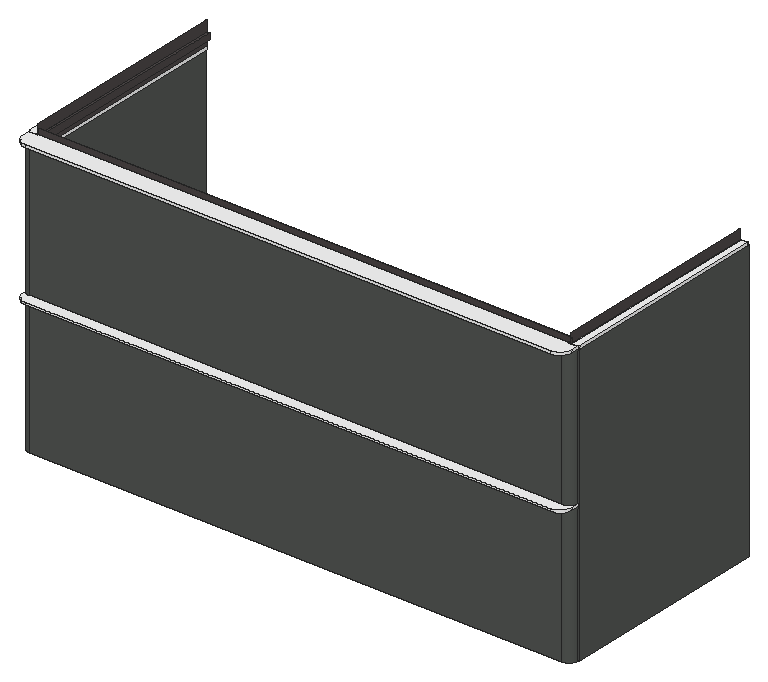
Revit family "vanity unit with 2 drawers", category Furniture, Revit 2019
Family settings
  OmniClass Number = 23.21.19.15.33.13
  Work Plane-Based = No
  Always vertical = Yes
  Cut with Voids When Loaded = No
  Shared = Yes
  Room Calculation Point = No
Parameters (values of type "Vanity unit 1180_475 with 2 drawers for washbasin-54036700-Diamond Matt Grey-MATT_WHITE-400")
  etim7_EC011381 = "EC011381"
  WEIGHT = "45.5"
  Vanity unit 980_475 with 2 drawers for washbasin-54034700-Dark Walnut-MATT_WHITE-400_RX0RY0RZ0TX0TY0TZ0_V = no
  Vanity unit 980_475 with 2 drawers for washbasin-54034700-Dark Walnut-MATT_WHITE-200_RX0RY0RZ0TX0TY0TZ0_V = no
  Vanity unit 980_475 with 2 drawers for washbasin-54034670-Dark Walnut-MATT_BLACK-400_RX0RY0RZ0TX0TY0TZ0_V = no
  Vanity unit 980_475 with 2 drawers for washbasin-54034670-Dark Walnut-MATT_BLACK-200_RX0RY0RZ0TX0TY0TZ0_V = no
  Vanity unit 980_475 with 2 drawers for washbasin-54034000-Dark Walnut-CHROME-400_RX0RY0RZ0TX0TY0TZ0_V = no
  Vanity unit 980_475 with 2 drawers for washbasin-54034000-Dark Walnut-CHROME-200_RX0RY0RZ0TX0TY0TZ0_V = no
  Vanity unit 980_475 with 2 drawers for washbasin-54033700-Natural Oak-MATT_WHITE-400_RX0RY0RZ0TX0TY0TZ0_V = no
  Vanity unit 980_475 with 2 drawers for washbasin-54033700-Natural Oak-MATT_WHITE-200_RX0RY0RZ0TX0TY0TZ0_V = no
  Vanity unit 980_475 with 2 drawers for washbasin-54033670-Natural Oak-MATT_BLACK-400_RX0RY0RZ0TX0TY0TZ0_V = no
  Vanity unit 980_475 with 2 drawers for washbasin-54033670-Natural Oak-MATT_BLACK-200_RX0RY0RZ0TX0TY0TZ0_V = no
  Vanity unit 980_475 with 2 drawers for washbasin-54033000-Natural Oak-CHROME-400_RX0RY0RZ0TX0TY0TZ0_V = no
  Vanity unit 980_475 with 2 drawers for washbasin-54033000-Natural Oak-CHROME-200_RX0RY0RZ0TX0TY0TZ0_V = no
  Vanity unit 980_475 with 2 drawers for washbasin-54032700-Diamond Matt Grey-MATT_WHITE-400_RX0RY0RZ0TX0TY0TZ0_V = no
  Vanity unit 980_475 with 2 drawers for washbasin-54032700-Diamond Matt Grey-MATT_WHITE-200_RX0RY0RZ0TX0TY0TZ0_V = no
  Vanity unit 980_475 with 2 drawers for washbasin-54032670-Diamond Matt Grey-MATT_BLACK-400_RX0RY0RZ0TX0TY0TZ0_V = no
  Vanity unit 980_475 with 2 drawers for washbasin-54032670-Diamond Matt Grey-MATT_BLACK-200_RX0RY0RZ0TX0TY0TZ0_V = no
  Vanity unit 980_475 with 2 drawers for washbasin-54032000-Diamond Matt Grey-CHROME-400_RX0RY0RZ0TX0TY0TZ0_V = no
  Vanity unit 980_475 with 2 drawers for washbasin-54032000-Diamond Matt Grey-CHROME-200_RX0RY0RZ0TX0TY0TZ0_V = no
  Vanity unit 980_475 with 2 drawers for washbasin-54031700-High Gloss White-MATT_WHITE-400_RX0RY0RZ0TX0TY0TZ0_V = no
  Vanity unit 980_475 with 2 drawers for washbasin-54031700-High Gloss White-MATT_WHITE-200_RX0RY0RZ0TX0TY0TZ0_V = no
  Vanity unit 980_475 with 2 drawers for washbasin-54031670-High Gloss White-MATT_BLACK-400_RX0RY0RZ0TX0TY0TZ0_V = no
  Vanity unit 980_475 with 2 drawers for washbasin-54031670-High Gloss White-MATT_BLACK-200_RX0RY0RZ0TX0TY0TZ0_V = no
  Vanity unit 980_475 with 2 drawers for washbasin-54031000-High Gloss White-CHROME-400_RX0RY0RZ0TX0TY0TZ0_V = no
  Vanity unit 980_475 with 2 drawers for washbasin-54031000-High Gloss White-CHROME-200_RX0RY0RZ0TX0TY0TZ0_V = no
  Vanity unit 780_475 with 2 drawers for washbasin-54030700-Dark Walnut-MATT_WHITE-400_RX0RY0RZ0TX0TY0TZ0_V = no
  Vanity unit 780_475 with 2 drawers for washbasin-54030700-Dark Walnut-MATT_WHITE-200_RX0RY0RZ0TX0TY0TZ0_V = no
  Vanity unit 780_475 with 2 drawers for washbasin-54030670-Dark Walnut-MATT_BLACK-400_RX0RY0RZ0TX0TY0TZ0_V = no
  Vanity unit 780_475 with 2 drawers for washbasin-54030670-Dark Walnut-MATT_BLACK-200_RX0RY0RZ0TX0TY0TZ0_V = no
  Vanity unit 780_475 with 2 drawers for washbasin-54030000-Dark Walnut-CHROME-400_RX0RY0RZ0TX0TY0TZ0_V = no
  Vanity unit 780_475 with 2 drawers for washbasin-54030000-Dark Walnut-CHROME-200_RX0RY0RZ0TX0TY0TZ0_V = no
  Vanity unit 780_475 with 2 drawers for washbasin-54029700-Natural Oak-MATT_WHITE-400_RX0RY0RZ0TX0TY0TZ0_V = no
  Vanity unit 780_475 with 2 drawers for washbasin-54029700-Natural Oak-MATT_WHITE-200_RX0RY0RZ0TX0TY0TZ0_V = no
  Vanity unit 780_475 with 2 drawers for washbasin-54029670-Natural Oak-MATT_BLACK-400_RX0RY0RZ0TX0TY0TZ0_V = no
  Vanity unit 780_475 with 2 drawers for washbasin-54029670-Natural Oak-MATT_BLACK-200_RX0RY0RZ0TX0TY0TZ0_V = no
  Vanity unit 780_475 with 2 drawers for washbasin-54029000-Natural Oak-CHROME-400_RX0RY0RZ0TX0TY0TZ0_V = no
  Vanity unit 780_475 with 2 drawers for washbasin-54029000-Natural Oak-CHROME-200_RX0RY0RZ0TX0TY0TZ0_V = no
  Vanity unit 780_475 with 2 drawers for washbasin-54028700-Diamond Matt Grey-MATT_WHITE-400_RX0RY0RZ0TX0TY0TZ0_V = no
  Vanity unit 780_475 with 2 drawers for washbasin-54028700-Diamond Matt Grey-MATT_WHITE-200_RX0RY0RZ0TX0TY0TZ0_V = no
  Vanity unit 780_475 with 2 drawers for washbasin-54028670-Diamond Matt Grey-MATT_BLACK-400_RX0RY0RZ0TX0TY0TZ0_V = no
  Vanity unit 780_475 with 2 drawers for washbasin-54028670-Diamond Matt Grey-MATT_BLACK-200_RX0RY0RZ0TX0TY0TZ0_V = no
  Vanity unit 780_475 with 2 drawers for washbasin-54028000-Diamond Matt Grey-CHROME-400_RX0RY0RZ0TX0TY0TZ0_V = no
  Vanity unit 780_475 with 2 drawers for washbasin-54028000-Diamond Matt Grey-CHROME-200_RX0RY0RZ0TX0TY0TZ0_V = no
  Vanity unit 780_475 with 2 drawers for washbasin-54027700-High Gloss White-MATT_WHITE-400_RX0RY0RZ0TX0TY0TZ0_V = no
  Vanity unit 780_475 with 2 drawers for washbasin-54027700-High Gloss White-MATT_WHITE-200_RX0RY0RZ0TX0TY0TZ0_V = no
  Vanity unit 780_475 with 2 drawers for washbasin-54027670-High Gloss White-MATT_BLACK-400_RX0RY0RZ0TX0TY0TZ0_V = no
  Vanity unit 780_475 with 2 drawers for washbasin-54027670-High Gloss White-MATT_BLACK-200_RX0RY0RZ0TX0TY0TZ0_V = no
  Vanity unit 780_475 with 2 drawers for washbasin-54027000-High Gloss White-CHROME-400_RX0RY0RZ0TX0TY0TZ0_V = no
  Vanity unit 780_475 with 2 drawers for washbasin-54027000-High Gloss White-CHROME-200_RX0RY0RZ0TX0TY0TZ0_V = no
  Vanity unit 580_475 with 2 drawers for washbasin-54026700-Dark Walnut-MATT_WHITE-400_RX0RY0RZ0TX0TY0TZ0_V = no
  Vanity unit 580_475 with 2 drawers for washbasin-54026700-Dark Walnut-MATT_WHITE-200_RX0RY0RZ0TX0TY0TZ0_V = no
  Vanity unit 580_475 with 2 drawers for washbasin-54026670-Dark Walnut-MATT_BLACK-400_RX0RY0RZ0TX0TY0TZ0_V = no
  Vanity unit 580_475 with 2 drawers for washbasin-54026670-Dark Walnut-MATT_BLACK-200_RX0RY0RZ0TX0TY0TZ0_V = no
  Vanity unit 580_475 with 2 drawers for washbasin-54026000-Dark Walnut-CHROME-400_RX0RY0RZ0TX0TY0TZ0_V = no
  Vanity unit 580_475 with 2 drawers for washbasin-54026000-Dark Walnut-CHROME-200_RX0RY0RZ0TX0TY0TZ0_V = no
  Vanity unit 580_475 with 2 drawers for washbasin-54025700-Natural Oak-MATT_WHITE-400_RX0RY0RZ0TX0TY0TZ0_V = no
  Vanity unit 580_475 with 2 drawers for washbasin-54025700-Natural Oak-MATT_WHITE-200_RX0RY0RZ0TX0TY0TZ0_V = no
  Vanity unit 580_475 with 2 drawers for washbasin-54025670-Natural Oak-MATT_BLACK-400_RX0RY0RZ0TX0TY0TZ0_V = no
  Vanity unit 580_475 with 2 drawers for washbasin-54025670-Natural Oak-MATT_BLACK-200_RX0RY0RZ0TX0TY0TZ0_V = no
  Vanity unit 580_475 with 2 drawers for washbasin-54025000-Natural Oak-CHROME-400_RX0RY0RZ0TX0TY0TZ0_V = no
  Vanity unit 580_475 with 2 drawers for washbasin-54025000-Natural Oak-CHROME-200_RX0RY0RZ0TX0TY0TZ0_V = no
  Vanity unit 580_475 with 2 drawers for washbasin-54024700-Diamond Matt Grey-MATT_WHITE-400_RX0RY0RZ0TX0TY0TZ0_V = no
  Vanity unit 580_475 with 2 drawers for washbasin-54024700-Diamond Matt Grey-MATT_WHITE-200_RX0RY0RZ0TX0TY0TZ0_V = no
  Vanity unit 580_475 with 2 drawers for washbasin-54024670-Diamond Matt Grey-MATT_BLACK-400_RX0RY0RZ0TX0TY0TZ0_V = no
  Vanity unit 580_475 with 2 drawers for washbasin-54024670-Diamond Matt Grey-MATT_BLACK-200_RX0RY0RZ0TX0TY0TZ0_V = no
  Vanity unit 580_475 with 2 drawers for washbasin-54024000-Diamond Matt Grey-CHROME-400_RX0RY0RZ0TX0TY0TZ0_V = no
  Vanity unit 580_475 with 2 drawers for washbasin-54024000-Diamond Matt Grey-CHROME-200_RX0RY0RZ0TX0TY0TZ0_V = no
  Vanity unit 580_475 with 2 drawers for washbasin-54023700-High Gloss White-MATT_WHITE-400_RX0RY0RZ0TX0TY0TZ0_V = no
  Vanity unit 580_475 with 2 drawers for washbasin-54023700-High Gloss White-MATT_WHITE-200_RX0RY0RZ0TX0TY0TZ0_V = no
  Vanity unit 580_475 with 2 drawers for washbasin-54023670-High Gloss White-MATT_BLACK-400_RX0RY0RZ0TX0TY0TZ0_V = no
  Vanity unit 580_475 with 2 drawers for washbasin-54023670-High Gloss White-MATT_BLACK-200_RX0RY0RZ0TX0TY0TZ0_V = no
  Vanity unit 580_475 with 2 drawers for washbasin-54023000-High Gloss White-CHROME-400_RX0RY0RZ0TX0TY0TZ0_V = no
  Vanity unit 580_475 with 2 drawers for washbasin-54023000-High Gloss White-CHROME-200_RX0RY0RZ0TX0TY0TZ0_V = no
  Vanity unit 480_475 with 2 drawers for handrinse basin-54022700-Dark Walnut-MATT_WHITE-400_RX0RY0RZ0TX0TY0TZ0_V = no
  Vanity unit 480_475 with 2 drawers for handrinse basin-54022700-Dark Walnut-MATT_WHITE-200_RX0RY0RZ0TX0TY0TZ0_V = no
  Vanity unit 480_475 with 2 drawers for handrinse basin-54022670-Dark Walnut-MATT_BLACK-400_RX0RY0RZ0TX0TY0TZ0_V = no
  Vanity unit 480_475 with 2 drawers for handrinse basin-54022670-Dark Walnut-MATT_BLACK-200_RX0RY0RZ0TX0TY0TZ0_V = no
  Vanity unit 480_475 with 2 drawers for handrinse basin-54022000-Dark Walnut-CHROME-400_RX0RY0RZ0TX0TY0TZ0_V = no
  Vanity unit 480_475 with 2 drawers for handrinse basin-54022000-Dark Walnut-CHROME-200_RX0RY0RZ0TX0TY0TZ0_V = no
  Vanity unit 480_475 with 2 drawers for handrinse basin-54021700-Natural Oak-MATT_WHITE-400_RX0RY0RZ0TX0TY0TZ0_V = no
  Vanity unit 480_475 with 2 drawers for handrinse basin-54021700-Natural Oak-MATT_WHITE-200_RX0RY0RZ0TX0TY0TZ0_V = no
  Vanity unit 480_475 with 2 drawers for handrinse basin-54021670-Natural Oak-MATT_BLACK-400_RX0RY0RZ0TX0TY0TZ0_V = no
  Vanity unit 480_475 with 2 drawers for handrinse basin-54021670-Natural Oak-MATT_BLACK-200_RX0RY0RZ0TX0TY0TZ0_V = no
  Vanity unit 480_475 with 2 drawers for handrinse basin-54021000-Natural Oak-CHROME-400_RX0RY0RZ0TX0TY0TZ0_V = no
  Vanity unit 480_475 with 2 drawers for handrinse basin-54021000-Natural Oak-CHROME-200_RX0RY0RZ0TX0TY0TZ0_V = no
  Vanity unit 480_475 with 2 drawers for handrinse basin-54020700-Diamond Matt Grey-MATT_WHITE-400_RX0RY0RZ0TX0TY0TZ0_V = no
  Vanity unit 480_475 with 2 drawers for handrinse basin-54020700-Diamond Matt Grey-MATT_WHITE-200_RX0RY0RZ0TX0TY0TZ0_V = no
  Vanity unit 480_475 with 2 drawers for handrinse basin-54020670-Diamond Matt Grey-MATT_BLACK-400_RX0RY0RZ0TX0TY0TZ0_V = no
  Vanity unit 480_475 with 2 drawers for handrinse basin-54020670-Diamond Matt Grey-MATT_BLACK-200_RX0RY0RZ0TX0TY0TZ0_V = no
  Vanity unit 480_475 with 2 drawers for handrinse basin-54020000-Diamond Matt Grey-CHROME-400_RX0RY0RZ0TX0TY0TZ0_V = no
  Vanity unit 480_475 with 2 drawers for handrinse basin-54020000-Diamond Matt Grey-CHROME-200_RX0RY0RZ0TX0TY0TZ0_V = no
  Vanity unit 480_475 with 2 drawers for handrinse basin-54019700-High Gloss White-MATT_WHITE-400_RX0RY0RZ0TX0TY0TZ0_V = no
  Vanity unit 480_475 with 2 drawers for handrinse basin-54019700-High Gloss White-MATT_WHITE-200_RX0RY0RZ0TX0TY0TZ0_V = no
  Vanity unit 480_475 with 2 drawers for handrinse basin-54019670-High Gloss White-MATT_BLACK-400_RX0RY0RZ0TX0TY0TZ0_V = no
  Vanity unit 480_475 with 2 drawers for handrinse basin-54019670-High Gloss White-MATT_BLACK-200_RX0RY0RZ0TX0TY0TZ0_V = no
  Vanity unit 480_475 with 2 drawers for handrinse basin-54019000-High Gloss White-CHROME-400_RX0RY0RZ0TX0TY0TZ0_V = no
  Vanity unit 480_475 with 2 drawers for handrinse basin-54019000-High Gloss White-CHROME-200_RX0RY0RZ0TX0TY0TZ0_V = no
  Vanity unit 1180_475 with 2 drawers for washbasin-54038700-Dark Walnut-MATT_WHITE-400_RX0RY0RZ0TX0TY0TZ0_V = no
  Vanity unit 1180_475 with 2 drawers for washbasin-54038700-Dark Walnut-MATT_WHITE-200_RX0RY0RZ0TX0TY0TZ0_V = no
  Vanity unit 1180_475 with 2 drawers for washbasin-54038670-Dark Walnut-MATT_BLACK-400_RX0RY0RZ0TX0TY0TZ0_V = no
  Vanity unit 1180_475 with 2 drawers for washbasin-54038670-Dark Walnut-MATT_BLACK-200_RX0RY0RZ0TX0TY0TZ0_V = no
  Vanity unit 1180_475 with 2 drawers for washbasin-54038000-Dark Walnut-CHROME-400_RX0RY0RZ0TX0TY0TZ0_V = no
  Vanity unit 1180_475 with 2 drawers for washbasin-54038000-Dark Walnut-CHROME-200_RX0RY0RZ0TX0TY0TZ0_V = no
  Vanity unit 1180_475 with 2 drawers for washbasin-54037700-Natural Oak-MATT_WHITE-400_RX0RY0RZ0TX0TY0TZ0_V = no
  Vanity unit 1180_475 with 2 drawers for washbasin-54037700-Natural Oak-MATT_WHITE-200_RX0RY0RZ0TX0TY0TZ0_V = no
  Vanity unit 1180_475 with 2 drawers for washbasin-54037670-Natural Oak-MATT_BLACK-400_RX0RY0RZ0TX0TY0TZ0_V = no
  Vanity unit 1180_475 with 2 drawers for washbasin-54037670-Natural Oak-MATT_BLACK-200_RX0RY0RZ0TX0TY0TZ0_V = no
  Vanity unit 1180_475 with 2 drawers for washbasin-54037000-Natural Oak-CHROME-400_RX0RY0RZ0TX0TY0TZ0_V = no
  Vanity unit 1180_475 with 2 drawers for washbasin-54037000-Natural Oak-CHROME-200_RX0RY0RZ0TX0TY0TZ0_V = no
  Vanity unit 1180_475 with 2 drawers for washbasin-54036700-Diamond Matt Grey-MATT_WHITE-400_RX0RY0RZ0TX0TY0TZ0_V = yes
  Vanity unit 1180_475 with 2 drawers for washbasin-54036700-Diamond Matt Grey-MATT_WHITE-200_RX0RY0RZ0TX0TY0TZ0_V = no
  Vanity unit 1180_475 with 2 drawers for washbasin-54036670-Diamond Matt Grey-MATT_BLACK-400_RX0RY0RZ0TX0TY0TZ0_V = no
  Vanity unit 1180_475 with 2 drawers for washbasin-54036670-Diamond Matt Grey-MATT_BLACK-200_RX0RY0RZ0TX0TY0TZ0_V = no
  Vanity unit 1180_475 with 2 drawers for washbasin-54036000-Diamond Matt Grey-CHROME-400_RX0RY0RZ0TX0TY0TZ0_V = no
  Vanity unit 1180_475 with 2 drawers for washbasin-54036000-Diamond Matt Grey-CHROME-200_RX0RY0RZ0TX0TY0TZ0_V = no
  Vanity unit 1180_475 with 2 drawers for washbasin-54035700-High Gloss White-MATT_WHITE-400_RX0RY0RZ0TX0TY0TZ0_V = no
  Vanity unit 1180_475 with 2 drawers for washbasin-54035700-High Gloss White-MATT_WHITE-200_RX0RY0RZ0TX0TY0TZ0_V = no
  Vanity unit 1180_475 with 2 drawers for washbasin-54035670-High Gloss White-MATT_BLACK-400_RX0RY0RZ0TX0TY0TZ0_V = no
  Vanity unit 1180_475 with 2 drawers for washbasin-54035670-High Gloss White-MATT_BLACK-200_RX0RY0RZ0TX0TY0TZ0_V = no
  Vanity unit 1180_475 with 2 drawers for washbasin-54035000-High Gloss White-CHROME-400_RX0RY0RZ0TX0TY0TZ0_V = no
  Vanity unit 1180_475 with 2 drawers for washbasin-54035000-High Gloss White-CHROME-200_RX0RY0RZ0TX0TY0TZ0_V = no
  UNSPSC = "56 | Furniture and Furnishings"
  UNIFORMATII = "E2010 | Fixed Furnishings"
  UNICLASS_2015_CODE = "40_30_78_05"
  UNICLASS2015 = "Pr_40_30_78_05 | Bathroom furniture"
  SURFACE = "MATT_WHITE"
  REGIONSET = "Worldwide"
  PRODUCTURL = "https://pro.hansgrohe.com/articledetail--54036000"
  PRODUCTGROUP = "vanity unit"
  PRODUCTFAMILY = "Xelu Q"
  PERMALINK = "54036XXX"
  OMNICLASS = "23-21 19 15 33 13 | Residential Bathroom Specialty Casework"
  OBJECTTYPE = "Object (single object)"
  OBERFLAECHE = "Diamond Matt Grey"
  NN = "Vanity Unit with 2 Drawers"
  NBSYN = "$BASENUMBER.-$ARTNR.-$OBERFLAECHE.-$SURFACE.-$LODLEVEL."
  NB = "Vanity unit 1180/475 with 2 drawers for washbasin-54036700-Diamond Matt Grey-MATT_WHITE-400"
  NAME = "Xelu Q Vanity unit Diamond Matt Grey 1180/475 with 2 drawers for washbasin"
  Model = "Vanity unit 1180/475 with 2 drawers for washbasin-54036700-Diamond Matt Grey-MATT_WHITE-400"
  Manufacturer = "Hansgrohe"
  MIdent = "{$CADENAS_DATA/23d-libs/hansgrohe/xelu_furniture/vanity_unit_2_drawers_basin/vanity_unit_with_2_drawers_for_basin.prj},351 {VTYP=3D},{NB=Vanity unit 1180/475 with 2 drawers for washbasin-54036700-Diamond Matt Grey-MATT_WHITE-400},{LINA=Vanity unit 1180/475 with 2 drawers for washbasin-54036700-Diamond Matt Grey-MATT_WHITE-400},{NN=Vanity Unit with 2 Drawers},{DATE=10.03.2023 08:13:12},{GEOMDATE=08.03.2023 13:51:26},{VERSION=},{LINEID=530},{WBVAR=LODLEVEL},{WBNUMERIC=}  {NB=Vanity unit 1180/475 with 2 drawers for washbasin-54036700-Diamond Matt Grey-MATT_WHITE-400},{LINA=Vanity unit 1180/475 with 2 drawers for washbasin-54036700-Diamond Matt Grey-MATT_WHITE-400},{KT=DUMMY},{IDNR=53},{ARTNR=54036700},{BASENUMBER=Vanity unit 1180/475 with 2 drawers for washbasin},{MODEL=54036XXX},{OBERFLAECHE=Diamond Matt Grey},{SURFACE=MATT_WHITE},{L=1180},{LODLEVEL=400},{LODLEVELX='400','400','200','200'},{NAME=Xelu Q Vanity unit Diamond Matt Grey 1180/475 with 2 drawers for washbasin},{PERMALINK=54036XXX},{OBJECTTYPE=Object (single object)},{BIMOBJECT=Sanitary: Compound units},{PRODUCTFAMILY=Xelu Q},{PRODUCTGROUP=vanity unit},{WEIGHT=45.5},{DESCRIPTION=Xelu Q Vanity unit Diamond Matt Grey 1180/475 with 2 drawers for washbasin},{SPECIFICATION=},{PRODUCTURL=https://pro.hansgrohe.com/articledetail--54036000},{GTINCODE=4059625455777},{TENDERURL=},{IFC=Furnishing element},{ETIM=EC011381 | Bathroom furniture set},{UNICLASS2015=Pr_40_30_78_05 | Bathroom furniture},{OMNICLASS=23-21 19 15 33 13 | Residential Bathroom Specialty Casework},{MASTERFORMAT=12 35 30.23 | Bathroom Casework},{UNSPSC=56 | Furniture and Furnishings},{UNIFORMATII=E2010 | Fixed Furnishings},{REGIONSET=Worldwide},{DESIGN=Germany},{MANUFACTURER=Germany}"
  MASTERFORMAT = "12 35 30.23 | Bathroom Casework"
  LODLEVEL = "400"
  LINA = "Vanity unit 1180/475 with 2 drawers for washbasin-54036700-Diamond Matt Grey-MATT_WHITE-400"
  L = 1180
  IFC = "Furnishing element"
  GTINCODE = "4059625455777"
  ETIM = "EC011381 | Bathroom furniture set"
  DESIGN = "Germany"
  CATALOG = "Hansgrohe"
  BIMOBJECT = "Sanitary: Compound units"
  BASENUMBER = "Vanity unit 1180/475 with 2 drawers for washbasin"
  ARTNR = "54036700"
Reference planes
  plane 1 "Center (Front/Back)": y = 0
  plane 2: z = 0
  plane 3 "Center (Left/Right)": x = 0
Dimensions and locks
  aligned and locked: level to plane 2
Nested families
  nested 1: "vanity unit 1180_475 with 2 drawers for washbasin-54035000-high gloss white-chrome-200_content" at (0, 0, 0), visible <- "Vanity unit 1180_475 with 2 drawers for washbasin-54035000-High Gloss White-CHROME-200_RX0RY0RZ0TX0TY0TZ0_V", ContentVisible <- "Vanity unit 1180_475 with 2 drawers for washbasin-54035000-High Gloss White-CHROME-200_RX0RY0RZ0TX0TY0TZ0_V", type ""
    with ContentVisible no
  nested 2: "vanity unit 1180_475 with 2 drawers for washbasin-54035000-high gloss white-chrome-400_content" at (0, 0, 0), visible <- "Vanity unit 1180_475 with 2 drawers for washbasin-54035000-High Gloss White-CHROME-400_RX0RY0RZ0TX0TY0TZ0_V", ContentVisible <- "Vanity unit 1180_475 with 2 drawers for washbasin-54035000-High Gloss White-CHROME-400_RX0RY0RZ0TX0TY0TZ0_V", type ""
    with ContentVisible no
  nested 3: "vanity unit 1180_475 with 2 drawers for washbasin-54035670-high gloss white-matt_black-200_content" at (0, 0, 0), visible <- "Vanity unit 1180_475 with 2 drawers for washbasin-54035670-High Gloss White-MATT_BLACK-200_RX0RY0RZ0TX0TY0TZ0_V", ContentVisible <- "Vanity unit 1180_475 with 2 drawers for washbasin-54035670-High Gloss White-MATT_BLACK-200_RX0RY0RZ0TX0TY0TZ0_V", type ""
    with ContentVisible no
  nested 4: "vanity unit 1180_475 with 2 drawers for washbasin-54035670-high gloss white-matt_black-400_content" at (0, 0, 0), visible <- "Vanity unit 1180_475 with 2 drawers for washbasin-54035670-High Gloss White-MATT_BLACK-400_RX0RY0RZ0TX0TY0TZ0_V", ContentVisible <- "Vanity unit 1180_475 with 2 drawers for washbasin-54035670-High Gloss White-MATT_BLACK-400_RX0RY0RZ0TX0TY0TZ0_V", type ""
    with ContentVisible no
  nested 5: "vanity unit 1180_475 with 2 drawers for washbasin-54035700-high gloss white-matt_white-200_content" at (0, 0, 0), visible <- "Vanity unit 1180_475 with 2 drawers for washbasin-54035700-High Gloss White-MATT_WHITE-200_RX0RY0RZ0TX0TY0TZ0_V", ContentVisible <- "Vanity unit 1180_475 with 2 drawers for washbasin-54035700-High Gloss White-MATT_WHITE-200_RX0RY0RZ0TX0TY0TZ0_V", type ""
    with ContentVisible no
  nested 6: "vanity unit 1180_475 with 2 drawers for washbasin-54035700-high gloss white-matt_white-400_content" at (0, 0, 0), visible <- "Vanity unit 1180_475 with 2 drawers for washbasin-54035700-High Gloss White-MATT_WHITE-400_RX0RY0RZ0TX0TY0TZ0_V", ContentVisible <- "Vanity unit 1180_475 with 2 drawers for washbasin-54035700-High Gloss White-MATT_WHITE-400_RX0RY0RZ0TX0TY0TZ0_V", type ""
    with ContentVisible no
  nested 7: "vanity unit 1180_475 with 2 drawers for washbasin-54036000-diamond matt grey-chrome-200_content" at (0, 0, 0), visible <- "Vanity unit 1180_475 with 2 drawers for washbasin-54036000-Diamond Matt Grey-CHROME-200_RX0RY0RZ0TX0TY0TZ0_V", ContentVisible <- "Vanity unit 1180_475 with 2 drawers for washbasin-54036000-Diamond Matt Grey-CHROME-200_RX0RY0RZ0TX0TY0TZ0_V", type ""
    with ContentVisible no
  nested 8: "vanity unit 1180_475 with 2 drawers for washbasin-54036000-diamond matt grey-chrome-400_content" at (0, 0, 0), visible <- "Vanity unit 1180_475 with 2 drawers for washbasin-54036000-Diamond Matt Grey-CHROME-400_RX0RY0RZ0TX0TY0TZ0_V", ContentVisible <- "Vanity unit 1180_475 with 2 drawers for washbasin-54036000-Diamond Matt Grey-CHROME-400_RX0RY0RZ0TX0TY0TZ0_V", type ""
    with ContentVisible no
  nested 9: "vanity unit 1180_475 with 2 drawers for washbasin-54036670-diamond matt grey-matt_black-200_content" at (0, 0, 0), visible <- "Vanity unit 1180_475 with 2 drawers for washbasin-54036670-Diamond Matt Grey-MATT_BLACK-200_RX0RY0RZ0TX0TY0TZ0_V", ContentVisible <- "Vanity unit 1180_475 with 2 drawers for washbasin-54036670-Diamond Matt Grey-MATT_BLACK-200_RX0RY0RZ0TX0TY0TZ0_V", type ""
    with ContentVisible no
  nested 10: "vanity unit 1180_475 with 2 drawers for washbasin-54036670-diamond matt grey-matt_black-400_content" at (0, 0, 0), visible <- "Vanity unit 1180_475 with 2 drawers for washbasin-54036670-Diamond Matt Grey-MATT_BLACK-400_RX0RY0RZ0TX0TY0TZ0_V", ContentVisible <- "Vanity unit 1180_475 with 2 drawers for washbasin-54036670-Diamond Matt Grey-MATT_BLACK-400_RX0RY0RZ0TX0TY0TZ0_V", type ""
    with ContentVisible no
  nested 11: "vanity unit 1180_475 with 2 drawers for washbasin-54036700-diamond matt grey-matt_white-200_content" at (0, 0, 0), visible <- "Vanity unit 1180_475 with 2 drawers for washbasin-54036700-Diamond Matt Grey-MATT_WHITE-200_RX0RY0RZ0TX0TY0TZ0_V", ContentVisible <- "Vanity unit 1180_475 with 2 drawers for washbasin-54036700-Diamond Matt Grey-MATT_WHITE-200_RX0RY0RZ0TX0TY0TZ0_V", type ""
    with ContentVisible no
  nested 12: "vanity unit 1180_475 with 2 drawers for washbasin-54036700-diamond matt grey-matt_white-400_content" at (0, 0, 0), visible <- "Vanity unit 1180_475 with 2 drawers for washbasin-54036700-Diamond Matt Grey-MATT_WHITE-400_RX0RY0RZ0TX0TY0TZ0_V", ContentVisible <- "Vanity unit 1180_475 with 2 drawers for washbasin-54036700-Diamond Matt Grey-MATT_WHITE-400_RX0RY0RZ0TX0TY0TZ0_V", type "Vanity unit 1180_475 with 2 drawers for washbasin-54036700-Diamond Matt Grey-MATT_WHITE-400_Content"
    with ContentVisible yes
  nested 13: "vanity unit 1180_475 with 2 drawers for washbasin-54037000-natural oak-chrome-200_content" at (0, 0, 0), visible <- "Vanity unit 1180_475 with 2 drawers for washbasin-54037000-Natural Oak-CHROME-200_RX0RY0RZ0TX0TY0TZ0_V", ContentVisible <- "Vanity unit 1180_475 with 2 drawers for washbasin-54037000-Natural Oak-CHROME-200_RX0RY0RZ0TX0TY0TZ0_V", type ""
    with ContentVisible no
  nested 14: "vanity unit 1180_475 with 2 drawers for washbasin-54037000-natural oak-chrome-400_content" at (0, 0, 0), visible <- "Vanity unit 1180_475 with 2 drawers for washbasin-54037000-Natural Oak-CHROME-400_RX0RY0RZ0TX0TY0TZ0_V", ContentVisible <- "Vanity unit 1180_475 with 2 drawers for washbasin-54037000-Natural Oak-CHROME-400_RX0RY0RZ0TX0TY0TZ0_V", type ""
    with ContentVisible no
  nested 15: "vanity unit 1180_475 with 2 drawers for washbasin-54037670-natural oak-matt_black-200_content" at (0, 0, 0), visible <- "Vanity unit 1180_475 with 2 drawers for washbasin-54037670-Natural Oak-MATT_BLACK-200_RX0RY0RZ0TX0TY0TZ0_V", ContentVisible <- "Vanity unit 1180_475 with 2 drawers for washbasin-54037670-Natural Oak-MATT_BLACK-200_RX0RY0RZ0TX0TY0TZ0_V", type ""
    with ContentVisible no
  nested 16: "vanity unit 1180_475 with 2 drawers for washbasin-54037670-natural oak-matt_black-400_content" at (0, 0, 0), visible <- "Vanity unit 1180_475 with 2 drawers for washbasin-54037670-Natural Oak-MATT_BLACK-400_RX0RY0RZ0TX0TY0TZ0_V", ContentVisible <- "Vanity unit 1180_475 with 2 drawers for washbasin-54037670-Natural Oak-MATT_BLACK-400_RX0RY0RZ0TX0TY0TZ0_V", type ""
    with ContentVisible no
  nested 17: "vanity unit 1180_475 with 2 drawers for washbasin-54037700-natural oak-matt_white-200_content" at (0, 0, 0), visible <- "Vanity unit 1180_475 with 2 drawers for washbasin-54037700-Natural Oak-MATT_WHITE-200_RX0RY0RZ0TX0TY0TZ0_V", ContentVisible <- "Vanity unit 1180_475 with 2 drawers for washbasin-54037700-Natural Oak-MATT_WHITE-200_RX0RY0RZ0TX0TY0TZ0_V", type ""
    with ContentVisible no
  nested 18: "vanity unit 1180_475 with 2 drawers for washbasin-54037700-natural oak-matt_white-400_content" at (0, 0, 0), visible <- "Vanity unit 1180_475 with 2 drawers for washbasin-54037700-Natural Oak-MATT_WHITE-400_RX0RY0RZ0TX0TY0TZ0_V", ContentVisible <- "Vanity unit 1180_475 with 2 drawers for washbasin-54037700-Natural Oak-MATT_WHITE-400_RX0RY0RZ0TX0TY0TZ0_V", type ""
    with ContentVisible no
  nested 19: "vanity unit 1180_475 with 2 drawers for washbasin-54038000-dark walnut-chrome-200_content" at (0, 0, 0), visible <- "Vanity unit 1180_475 with 2 drawers for washbasin-54038000-Dark Walnut-CHROME-200_RX0RY0RZ0TX0TY0TZ0_V", ContentVisible <- "Vanity unit 1180_475 with 2 drawers for washbasin-54038000-Dark Walnut-CHROME-200_RX0RY0RZ0TX0TY0TZ0_V", type ""
    with ContentVisible no
  nested 20: "vanity unit 1180_475 with 2 drawers for washbasin-54038000-dark walnut-chrome-400_content" at (0, 0, 0), visible <- "Vanity unit 1180_475 with 2 drawers for washbasin-54038000-Dark Walnut-CHROME-400_RX0RY0RZ0TX0TY0TZ0_V", ContentVisible <- "Vanity unit 1180_475 with 2 drawers for washbasin-54038000-Dark Walnut-CHROME-400_RX0RY0RZ0TX0TY0TZ0_V", type ""
    with ContentVisible no
  nested 21: "vanity unit 1180_475 with 2 drawers for washbasin-54038670-dark walnut-matt_black-200_content" at (0, 0, 0), visible <- "Vanity unit 1180_475 with 2 drawers for washbasin-54038670-Dark Walnut-MATT_BLACK-200_RX0RY0RZ0TX0TY0TZ0_V", ContentVisible <- "Vanity unit 1180_475 with 2 drawers for washbasin-54038670-Dark Walnut-MATT_BLACK-200_RX0RY0RZ0TX0TY0TZ0_V", type ""
    with ContentVisible no
  nested 22: "vanity unit 1180_475 with 2 drawers for washbasin-54038670-dark walnut-matt_black-400_content" at (0, 0, 0), visible <- "Vanity unit 1180_475 with 2 drawers for washbasin-54038670-Dark Walnut-MATT_BLACK-400_RX0RY0RZ0TX0TY0TZ0_V", ContentVisible <- "Vanity unit 1180_475 with 2 drawers for washbasin-54038670-Dark Walnut-MATT_BLACK-400_RX0RY0RZ0TX0TY0TZ0_V", type ""
    with ContentVisible no
  nested 23: "vanity unit 1180_475 with 2 drawers for washbasin-54038700-dark walnut-matt_white-200_content" at (0, 0, 0), visible <- "Vanity unit 1180_475 with 2 drawers for washbasin-54038700-Dark Walnut-MATT_WHITE-200_RX0RY0RZ0TX0TY0TZ0_V", ContentVisible <- "Vanity unit 1180_475 with 2 drawers for washbasin-54038700-Dark Walnut-MATT_WHITE-200_RX0RY0RZ0TX0TY0TZ0_V", type ""
    with ContentVisible no
  nested 24: "vanity unit 1180_475 with 2 drawers for washbasin-54038700-dark walnut-matt_white-400_content" at (0, 0, 0), visible <- "Vanity unit 1180_475 with 2 drawers for washbasin-54038700-Dark Walnut-MATT_WHITE-400_RX0RY0RZ0TX0TY0TZ0_V", ContentVisible <- "Vanity unit 1180_475 with 2 drawers for washbasin-54038700-Dark Walnut-MATT_WHITE-400_RX0RY0RZ0TX0TY0TZ0_V", type ""
    with ContentVisible no
  nested 25: "vanity unit 480_475 with 2 drawers for handrinse basin-54019000-high gloss white-chrome-200_content" at (0, 0, 0), visible <- "Vanity unit 480_475 with 2 drawers for handrinse basin-54019000-High Gloss White-CHROME-200_RX0RY0RZ0TX0TY0TZ0_V", ContentVisible <- "Vanity unit 480_475 with 2 drawers for handrinse basin-54019000-High Gloss White-CHROME-200_RX0RY0RZ0TX0TY0TZ0_V", type ""
    with ContentVisible no
  nested 26: "vanity unit 480_475 with 2 drawers for handrinse basin-54019000-high gloss white-chrome-400_content" at (0, 0, 0), visible <- "Vanity unit 480_475 with 2 drawers for handrinse basin-54019000-High Gloss White-CHROME-400_RX0RY0RZ0TX0TY0TZ0_V", ContentVisible <- "Vanity unit 480_475 with 2 drawers for handrinse basin-54019000-High Gloss White-CHROME-400_RX0RY0RZ0TX0TY0TZ0_V", type ""
    with ContentVisible no
  nested 27: "vanity unit 480_475 with 2 drawers for handrinse basin-54019670-high gloss white-matt_black-200_content" at (0, 0, 0), visible <- "Vanity unit 480_475 with 2 drawers for handrinse basin-54019670-High Gloss White-MATT_BLACK-200_RX0RY0RZ0TX0TY0TZ0_V", ContentVisible <- "Vanity unit 480_475 with 2 drawers for handrinse basin-54019670-High Gloss White-MATT_BLACK-200_RX0RY0RZ0TX0TY0TZ0_V", type ""
    with ContentVisible no
  nested 28: "vanity unit 480_475 with 2 drawers for handrinse basin-54019670-high gloss white-matt_black-400_content" at (0, 0, 0), visible <- "Vanity unit 480_475 with 2 drawers for handrinse basin-54019670-High Gloss White-MATT_BLACK-400_RX0RY0RZ0TX0TY0TZ0_V", ContentVisible <- "Vanity unit 480_475 with 2 drawers for handrinse basin-54019670-High Gloss White-MATT_BLACK-400_RX0RY0RZ0TX0TY0TZ0_V", type ""
    with ContentVisible no
  nested 29: "vanity unit 480_475 with 2 drawers for handrinse basin-54019700-high gloss white-matt_white-200_content" at (0, 0, 0), visible <- "Vanity unit 480_475 with 2 drawers for handrinse basin-54019700-High Gloss White-MATT_WHITE-200_RX0RY0RZ0TX0TY0TZ0_V", ContentVisible <- "Vanity unit 480_475 with 2 drawers for handrinse basin-54019700-High Gloss White-MATT_WHITE-200_RX0RY0RZ0TX0TY0TZ0_V", type ""
    with ContentVisible no
  nested 30: "vanity unit 480_475 with 2 drawers for handrinse basin-54019700-high gloss white-matt_white-400_content" at (0, 0, 0), visible <- "Vanity unit 480_475 with 2 drawers for handrinse basin-54019700-High Gloss White-MATT_WHITE-400_RX0RY0RZ0TX0TY0TZ0_V", ContentVisible <- "Vanity unit 480_475 with 2 drawers for handrinse basin-54019700-High Gloss White-MATT_WHITE-400_RX0RY0RZ0TX0TY0TZ0_V", type ""
    with ContentVisible no
  nested 31: "vanity unit 480_475 with 2 drawers for handrinse basin-54020000-diamond matt grey-chrome-200_content" at (0, 0, 0), visible <- "Vanity unit 480_475 with 2 drawers for handrinse basin-54020000-Diamond Matt Grey-CHROME-200_RX0RY0RZ0TX0TY0TZ0_V", ContentVisible <- "Vanity unit 480_475 with 2 drawers for handrinse basin-54020000-Diamond Matt Grey-CHROME-200_RX0RY0RZ0TX0TY0TZ0_V", type ""
    with ContentVisible no
  nested 32: "vanity unit 480_475 with 2 drawers for handrinse basin-54020000-diamond matt grey-chrome-400_content" at (0, 0, 0), visible <- "Vanity unit 480_475 with 2 drawers for handrinse basin-54020000-Diamond Matt Grey-CHROME-400_RX0RY0RZ0TX0TY0TZ0_V", ContentVisible <- "Vanity unit 480_475 with 2 drawers for handrinse basin-54020000-Diamond Matt Grey-CHROME-400_RX0RY0RZ0TX0TY0TZ0_V", type ""
    with ContentVisible no
  nested 33: "vanity unit 480_475 with 2 drawers for handrinse basin-54020670-diamond matt grey-matt_black-200_content" at (0, 0, 0), visible <- "Vanity unit 480_475 with 2 drawers for handrinse basin-54020670-Diamond Matt Grey-MATT_BLACK-200_RX0RY0RZ0TX0TY0TZ0_V", ContentVisible <- "Vanity unit 480_475 with 2 drawers for handrinse basin-54020670-Diamond Matt Grey-MATT_BLACK-200_RX0RY0RZ0TX0TY0TZ0_V", type ""
    with ContentVisible no
  nested 34: "vanity unit 480_475 with 2 drawers for handrinse basin-54020670-diamond matt grey-matt_black-400_content" at (0, 0, 0), visible <- "Vanity unit 480_475 with 2 drawers for handrinse basin-54020670-Diamond Matt Grey-MATT_BLACK-400_RX0RY0RZ0TX0TY0TZ0_V", ContentVisible <- "Vanity unit 480_475 with 2 drawers for handrinse basin-54020670-Diamond Matt Grey-MATT_BLACK-400_RX0RY0RZ0TX0TY0TZ0_V", type ""
    with ContentVisible no
  nested 35: "vanity unit 480_475 with 2 drawers for handrinse basin-54020700-diamond matt grey-matt_white-200_content" at (0, 0, 0), visible <- "Vanity unit 480_475 with 2 drawers for handrinse basin-54020700-Diamond Matt Grey-MATT_WHITE-200_RX0RY0RZ0TX0TY0TZ0_V", ContentVisible <- "Vanity unit 480_475 with 2 drawers for handrinse basin-54020700-Diamond Matt Grey-MATT_WHITE-200_RX0RY0RZ0TX0TY0TZ0_V", type ""
    with ContentVisible no
  nested 36: "vanity unit 480_475 with 2 drawers for handrinse basin-54020700-diamond matt grey-matt_white-400_content" at (0, 0, 0), visible <- "Vanity unit 480_475 with 2 drawers for handrinse basin-54020700-Diamond Matt Grey-MATT_WHITE-400_RX0RY0RZ0TX0TY0TZ0_V", ContentVisible <- "Vanity unit 480_475 with 2 drawers for handrinse basin-54020700-Diamond Matt Grey-MATT_WHITE-400_RX0RY0RZ0TX0TY0TZ0_V", type ""
    with ContentVisible no
  nested 37: "vanity unit 480_475 with 2 drawers for handrinse basin-54021000-natural oak-chrome-200_content" at (0, 0, 0), visible <- "Vanity unit 480_475 with 2 drawers for handrinse basin-54021000-Natural Oak-CHROME-200_RX0RY0RZ0TX0TY0TZ0_V", ContentVisible <- "Vanity unit 480_475 with 2 drawers for handrinse basin-54021000-Natural Oak-CHROME-200_RX0RY0RZ0TX0TY0TZ0_V", type ""
    with ContentVisible no
  nested 38: "vanity unit 480_475 with 2 drawers for handrinse basin-54021000-natural oak-chrome-400_content" at (0, 0, 0), visible <- "Vanity unit 480_475 with 2 drawers for handrinse basin-54021000-Natural Oak-CHROME-400_RX0RY0RZ0TX0TY0TZ0_V", ContentVisible <- "Vanity unit 480_475 with 2 drawers for handrinse basin-54021000-Natural Oak-CHROME-400_RX0RY0RZ0TX0TY0TZ0_V", type ""
    with ContentVisible no
  nested 39: "vanity unit 480_475 with 2 drawers for handrinse basin-54021670-natural oak-matt_black-200_content" at (0, 0, 0), visible <- "Vanity unit 480_475 with 2 drawers for handrinse basin-54021670-Natural Oak-MATT_BLACK-200_RX0RY0RZ0TX0TY0TZ0_V", ContentVisible <- "Vanity unit 480_475 with 2 drawers for handrinse basin-54021670-Natural Oak-MATT_BLACK-200_RX0RY0RZ0TX0TY0TZ0_V", type ""
    with ContentVisible no
  nested 40: "vanity unit 480_475 with 2 drawers for handrinse basin-54021670-natural oak-matt_black-400_content" at (0, 0, 0), visible <- "Vanity unit 480_475 with 2 drawers for handrinse basin-54021670-Natural Oak-MATT_BLACK-400_RX0RY0RZ0TX0TY0TZ0_V", ContentVisible <- "Vanity unit 480_475 with 2 drawers for handrinse basin-54021670-Natural Oak-MATT_BLACK-400_RX0RY0RZ0TX0TY0TZ0_V", type ""
    with ContentVisible no
  nested 41: "vanity unit 480_475 with 2 drawers for handrinse basin-54021700-natural oak-matt_white-200_content" at (0, 0, 0), visible <- "Vanity unit 480_475 with 2 drawers for handrinse basin-54021700-Natural Oak-MATT_WHITE-200_RX0RY0RZ0TX0TY0TZ0_V", ContentVisible <- "Vanity unit 480_475 with 2 drawers for handrinse basin-54021700-Natural Oak-MATT_WHITE-200_RX0RY0RZ0TX0TY0TZ0_V", type ""
    with ContentVisible no
  nested 42: "vanity unit 480_475 with 2 drawers for handrinse basin-54021700-natural oak-matt_white-400_content" at (0, 0, 0), visible <- "Vanity unit 480_475 with 2 drawers for handrinse basin-54021700-Natural Oak-MATT_WHITE-400_RX0RY0RZ0TX0TY0TZ0_V", ContentVisible <- "Vanity unit 480_475 with 2 drawers for handrinse basin-54021700-Natural Oak-MATT_WHITE-400_RX0RY0RZ0TX0TY0TZ0_V", type ""
    with ContentVisible no
  nested 43: "vanity unit 480_475 with 2 drawers for handrinse basin-54022000-dark walnut-chrome-200_content" at (0, 0, 0), visible <- "Vanity unit 480_475 with 2 drawers for handrinse basin-54022000-Dark Walnut-CHROME-200_RX0RY0RZ0TX0TY0TZ0_V", ContentVisible <- "Vanity unit 480_475 with 2 drawers for handrinse basin-54022000-Dark Walnut-CHROME-200_RX0RY0RZ0TX0TY0TZ0_V", type ""
    with ContentVisible no
  nested 44: "vanity unit 480_475 with 2 drawers for handrinse basin-54022000-dark walnut-chrome-400_content" at (0, 0, 0), visible <- "Vanity unit 480_475 with 2 drawers for handrinse basin-54022000-Dark Walnut-CHROME-400_RX0RY0RZ0TX0TY0TZ0_V", ContentVisible <- "Vanity unit 480_475 with 2 drawers for handrinse basin-54022000-Dark Walnut-CHROME-400_RX0RY0RZ0TX0TY0TZ0_V", type ""
    with ContentVisible no
  nested 45: "vanity unit 480_475 with 2 drawers for handrinse basin-54022670-dark walnut-matt_black-200_content" at (0, 0, 0), visible <- "Vanity unit 480_475 with 2 drawers for handrinse basin-54022670-Dark Walnut-MATT_BLACK-200_RX0RY0RZ0TX0TY0TZ0_V", ContentVisible <- "Vanity unit 480_475 with 2 drawers for handrinse basin-54022670-Dark Walnut-MATT_BLACK-200_RX0RY0RZ0TX0TY0TZ0_V", type ""
    with ContentVisible no
  nested 46: "vanity unit 480_475 with 2 drawers for handrinse basin-54022670-dark walnut-matt_black-400_content" at (0, 0, 0), visible <- "Vanity unit 480_475 with 2 drawers for handrinse basin-54022670-Dark Walnut-MATT_BLACK-400_RX0RY0RZ0TX0TY0TZ0_V", ContentVisible <- "Vanity unit 480_475 with 2 drawers for handrinse basin-54022670-Dark Walnut-MATT_BLACK-400_RX0RY0RZ0TX0TY0TZ0_V", type ""
    with ContentVisible no
  nested 47: "vanity unit 480_475 with 2 drawers for handrinse basin-54022700-dark walnut-matt_white-200_content" at (0, 0, 0), visible <- "Vanity unit 480_475 with 2 drawers for handrinse basin-54022700-Dark Walnut-MATT_WHITE-200_RX0RY0RZ0TX0TY0TZ0_V", ContentVisible <- "Vanity unit 480_475 with 2 drawers for handrinse basin-54022700-Dark Walnut-MATT_WHITE-200_RX0RY0RZ0TX0TY0TZ0_V", type ""
    with ContentVisible no
  nested 48: "vanity unit 480_475 with 2 drawers for handrinse basin-54022700-dark walnut-matt_white-400_content" at (0, 0, 0), visible <- "Vanity unit 480_475 with 2 drawers for handrinse basin-54022700-Dark Walnut-MATT_WHITE-400_RX0RY0RZ0TX0TY0TZ0_V", ContentVisible <- "Vanity unit 480_475 with 2 drawers for handrinse basin-54022700-Dark Walnut-MATT_WHITE-400_RX0RY0RZ0TX0TY0TZ0_V", type ""
    with ContentVisible no
  nested 49: "vanity unit 580_475 with 2 drawers for washbasin-54023000-high gloss white-chrome-200_content" at (0, 0, 0), visible <- "Vanity unit 580_475 with 2 drawers for washbasin-54023000-High Gloss White-CHROME-200_RX0RY0RZ0TX0TY0TZ0_V", ContentVisible <- "Vanity unit 580_475 with 2 drawers for washbasin-54023000-High Gloss White-CHROME-200_RX0RY0RZ0TX0TY0TZ0_V", type ""
    with ContentVisible no
  nested 50: "vanity unit 580_475 with 2 drawers for washbasin-54023000-high gloss white-chrome-400_content" at (0, 0, 0), visible <- "Vanity unit 580_475 with 2 drawers for washbasin-54023000-High Gloss White-CHROME-400_RX0RY0RZ0TX0TY0TZ0_V", ContentVisible <- "Vanity unit 580_475 with 2 drawers for washbasin-54023000-High Gloss White-CHROME-400_RX0RY0RZ0TX0TY0TZ0_V", type ""
    with ContentVisible no
  nested 51: "vanity unit 580_475 with 2 drawers for washbasin-54023670-high gloss white-matt_black-200_content" at (0, 0, 0), visible <- "Vanity unit 580_475 with 2 drawers for washbasin-54023670-High Gloss White-MATT_BLACK-200_RX0RY0RZ0TX0TY0TZ0_V", ContentVisible <- "Vanity unit 580_475 with 2 drawers for washbasin-54023670-High Gloss White-MATT_BLACK-200_RX0RY0RZ0TX0TY0TZ0_V", type ""
    with ContentVisible no
  nested 52: "vanity unit 580_475 with 2 drawers for washbasin-54023670-high gloss white-matt_black-400_content" at (0, 0, 0), visible <- "Vanity unit 580_475 with 2 drawers for washbasin-54023670-High Gloss White-MATT_BLACK-400_RX0RY0RZ0TX0TY0TZ0_V", ContentVisible <- "Vanity unit 580_475 with 2 drawers for washbasin-54023670-High Gloss White-MATT_BLACK-400_RX0RY0RZ0TX0TY0TZ0_V", type ""
    with ContentVisible no
  nested 53: "vanity unit 580_475 with 2 drawers for washbasin-54023700-high gloss white-matt_white-200_content" at (0, 0, 0), visible <- "Vanity unit 580_475 with 2 drawers for washbasin-54023700-High Gloss White-MATT_WHITE-200_RX0RY0RZ0TX0TY0TZ0_V", ContentVisible <- "Vanity unit 580_475 with 2 drawers for washbasin-54023700-High Gloss White-MATT_WHITE-200_RX0RY0RZ0TX0TY0TZ0_V", type ""
    with ContentVisible no
  nested 54: "vanity unit 580_475 with 2 drawers for washbasin-54023700-high gloss white-matt_white-400_content" at (0, 0, 0), visible <- "Vanity unit 580_475 with 2 drawers for washbasin-54023700-High Gloss White-MATT_WHITE-400_RX0RY0RZ0TX0TY0TZ0_V", ContentVisible <- "Vanity unit 580_475 with 2 drawers for washbasin-54023700-High Gloss White-MATT_WHITE-400_RX0RY0RZ0TX0TY0TZ0_V", type ""
    with ContentVisible no
  nested 55: "vanity unit 580_475 with 2 drawers for washbasin-54024000-diamond matt grey-chrome-200_content" at (0, 0, 0), visible <- "Vanity unit 580_475 with 2 drawers for washbasin-54024000-Diamond Matt Grey-CHROME-200_RX0RY0RZ0TX0TY0TZ0_V", ContentVisible <- "Vanity unit 580_475 with 2 drawers for washbasin-54024000-Diamond Matt Grey-CHROME-200_RX0RY0RZ0TX0TY0TZ0_V", type ""
    with ContentVisible no
  nested 56: "vanity unit 580_475 with 2 drawers for washbasin-54024000-diamond matt grey-chrome-400_content" at (0, 0, 0), visible <- "Vanity unit 580_475 with 2 drawers for washbasin-54024000-Diamond Matt Grey-CHROME-400_RX0RY0RZ0TX0TY0TZ0_V", ContentVisible <- "Vanity unit 580_475 with 2 drawers for washbasin-54024000-Diamond Matt Grey-CHROME-400_RX0RY0RZ0TX0TY0TZ0_V", type ""
    with ContentVisible no
  nested 57: "vanity unit 580_475 with 2 drawers for washbasin-54024670-diamond matt grey-matt_black-200_content" at (0, 0, 0), visible <- "Vanity unit 580_475 with 2 drawers for washbasin-54024670-Diamond Matt Grey-MATT_BLACK-200_RX0RY0RZ0TX0TY0TZ0_V", ContentVisible <- "Vanity unit 580_475 with 2 drawers for washbasin-54024670-Diamond Matt Grey-MATT_BLACK-200_RX0RY0RZ0TX0TY0TZ0_V", type ""
    with ContentVisible no
  nested 58: "vanity unit 580_475 with 2 drawers for washbasin-54024670-diamond matt grey-matt_black-400_content" at (0, 0, 0), visible <- "Vanity unit 580_475 with 2 drawers for washbasin-54024670-Diamond Matt Grey-MATT_BLACK-400_RX0RY0RZ0TX0TY0TZ0_V", ContentVisible <- "Vanity unit 580_475 with 2 drawers for washbasin-54024670-Diamond Matt Grey-MATT_BLACK-400_RX0RY0RZ0TX0TY0TZ0_V", type ""
    with ContentVisible no
  nested 59: "vanity unit 580_475 with 2 drawers for washbasin-54024700-diamond matt grey-matt_white-200_content" at (0, 0, 0), visible <- "Vanity unit 580_475 with 2 drawers for washbasin-54024700-Diamond Matt Grey-MATT_WHITE-200_RX0RY0RZ0TX0TY0TZ0_V", ContentVisible <- "Vanity unit 580_475 with 2 drawers for washbasin-54024700-Diamond Matt Grey-MATT_WHITE-200_RX0RY0RZ0TX0TY0TZ0_V", type ""
    with ContentVisible no
  nested 60: "vanity unit 580_475 with 2 drawers for washbasin-54024700-diamond matt grey-matt_white-400_content" at (0, 0, 0), visible <- "Vanity unit 580_475 with 2 drawers for washbasin-54024700-Diamond Matt Grey-MATT_WHITE-400_RX0RY0RZ0TX0TY0TZ0_V", ContentVisible <- "Vanity unit 580_475 with 2 drawers for washbasin-54024700-Diamond Matt Grey-MATT_WHITE-400_RX0RY0RZ0TX0TY0TZ0_V", type ""
    with ContentVisible no
  nested 61: "vanity unit 580_475 with 2 drawers for washbasin-54025000-natural oak-chrome-200_content" at (0, 0, 0), visible <- "Vanity unit 580_475 with 2 drawers for washbasin-54025000-Natural Oak-CHROME-200_RX0RY0RZ0TX0TY0TZ0_V", ContentVisible <- "Vanity unit 580_475 with 2 drawers for washbasin-54025000-Natural Oak-CHROME-200_RX0RY0RZ0TX0TY0TZ0_V", type ""
    with ContentVisible no
  nested 62: "vanity unit 580_475 with 2 drawers for washbasin-54025000-natural oak-chrome-400_content" at (0, 0, 0), visible <- "Vanity unit 580_475 with 2 drawers for washbasin-54025000-Natural Oak-CHROME-400_RX0RY0RZ0TX0TY0TZ0_V", ContentVisible <- "Vanity unit 580_475 with 2 drawers for washbasin-54025000-Natural Oak-CHROME-400_RX0RY0RZ0TX0TY0TZ0_V", type ""
    with ContentVisible no
  nested 63: "vanity unit 580_475 with 2 drawers for washbasin-54025670-natural oak-matt_black-200_content" at (0, 0, 0), visible <- "Vanity unit 580_475 with 2 drawers for washbasin-54025670-Natural Oak-MATT_BLACK-200_RX0RY0RZ0TX0TY0TZ0_V", ContentVisible <- "Vanity unit 580_475 with 2 drawers for washbasin-54025670-Natural Oak-MATT_BLACK-200_RX0RY0RZ0TX0TY0TZ0_V", type ""
    with ContentVisible no
  nested 64: "vanity unit 580_475 with 2 drawers for washbasin-54025670-natural oak-matt_black-400_content" at (0, 0, 0), visible <- "Vanity unit 580_475 with 2 drawers for washbasin-54025670-Natural Oak-MATT_BLACK-400_RX0RY0RZ0TX0TY0TZ0_V", ContentVisible <- "Vanity unit 580_475 with 2 drawers for washbasin-54025670-Natural Oak-MATT_BLACK-400_RX0RY0RZ0TX0TY0TZ0_V", type ""
    with ContentVisible no
  nested 65: "vanity unit 580_475 with 2 drawers for washbasin-54025700-natural oak-matt_white-200_content" at (0, 0, 0), visible <- "Vanity unit 580_475 with 2 drawers for washbasin-54025700-Natural Oak-MATT_WHITE-200_RX0RY0RZ0TX0TY0TZ0_V", ContentVisible <- "Vanity unit 580_475 with 2 drawers for washbasin-54025700-Natural Oak-MATT_WHITE-200_RX0RY0RZ0TX0TY0TZ0_V", type ""
    with ContentVisible no
  nested 66: "vanity unit 580_475 with 2 drawers for washbasin-54025700-natural oak-matt_white-400_content" at (0, 0, 0), visible <- "Vanity unit 580_475 with 2 drawers for washbasin-54025700-Natural Oak-MATT_WHITE-400_RX0RY0RZ0TX0TY0TZ0_V", ContentVisible <- "Vanity unit 580_475 with 2 drawers for washbasin-54025700-Natural Oak-MATT_WHITE-400_RX0RY0RZ0TX0TY0TZ0_V", type ""
    with ContentVisible no
  nested 67: "vanity unit 580_475 with 2 drawers for washbasin-54026000-dark walnut-chrome-200_content" at (0, 0, 0), visible <- "Vanity unit 580_475 with 2 drawers for washbasin-54026000-Dark Walnut-CHROME-200_RX0RY0RZ0TX0TY0TZ0_V", ContentVisible <- "Vanity unit 580_475 with 2 drawers for washbasin-54026000-Dark Walnut-CHROME-200_RX0RY0RZ0TX0TY0TZ0_V", type ""
    with ContentVisible no
  nested 68: "vanity unit 580_475 with 2 drawers for washbasin-54026000-dark walnut-chrome-400_content" at (0, 0, 0), visible <- "Vanity unit 580_475 with 2 drawers for washbasin-54026000-Dark Walnut-CHROME-400_RX0RY0RZ0TX0TY0TZ0_V", ContentVisible <- "Vanity unit 580_475 with 2 drawers for washbasin-54026000-Dark Walnut-CHROME-400_RX0RY0RZ0TX0TY0TZ0_V", type ""
    with ContentVisible no
  nested 69: "vanity unit 580_475 with 2 drawers for washbasin-54026670-dark walnut-matt_black-200_content" at (0, 0, 0), visible <- "Vanity unit 580_475 with 2 drawers for washbasin-54026670-Dark Walnut-MATT_BLACK-200_RX0RY0RZ0TX0TY0TZ0_V", ContentVisible <- "Vanity unit 580_475 with 2 drawers for washbasin-54026670-Dark Walnut-MATT_BLACK-200_RX0RY0RZ0TX0TY0TZ0_V", type ""
    with ContentVisible no
  nested 70: "vanity unit 580_475 with 2 drawers for washbasin-54026670-dark walnut-matt_black-400_content" at (0, 0, 0), visible <- "Vanity unit 580_475 with 2 drawers for washbasin-54026670-Dark Walnut-MATT_BLACK-400_RX0RY0RZ0TX0TY0TZ0_V", ContentVisible <- "Vanity unit 580_475 with 2 drawers for washbasin-54026670-Dark Walnut-MATT_BLACK-400_RX0RY0RZ0TX0TY0TZ0_V", type ""
    with ContentVisible no
  nested 71: "vanity unit 580_475 with 2 drawers for washbasin-54026700-dark walnut-matt_white-200_content" at (0, 0, 0), visible <- "Vanity unit 580_475 with 2 drawers for washbasin-54026700-Dark Walnut-MATT_WHITE-200_RX0RY0RZ0TX0TY0TZ0_V", ContentVisible <- "Vanity unit 580_475 with 2 drawers for washbasin-54026700-Dark Walnut-MATT_WHITE-200_RX0RY0RZ0TX0TY0TZ0_V", type ""
    with ContentVisible no
  nested 72: "vanity unit 580_475 with 2 drawers for washbasin-54026700-dark walnut-matt_white-400_content" at (0, 0, 0), visible <- "Vanity unit 580_475 with 2 drawers for washbasin-54026700-Dark Walnut-MATT_WHITE-400_RX0RY0RZ0TX0TY0TZ0_V", ContentVisible <- "Vanity unit 580_475 with 2 drawers for washbasin-54026700-Dark Walnut-MATT_WHITE-400_RX0RY0RZ0TX0TY0TZ0_V", type ""
    with ContentVisible no
  nested 73: "vanity unit 780_475 with 2 drawers for washbasin-54027000-high gloss white-chrome-200_content" at (0, 0, 0), visible <- "Vanity unit 780_475 with 2 drawers for washbasin-54027000-High Gloss White-CHROME-200_RX0RY0RZ0TX0TY0TZ0_V", ContentVisible <- "Vanity unit 780_475 with 2 drawers for washbasin-54027000-High Gloss White-CHROME-200_RX0RY0RZ0TX0TY0TZ0_V", type ""
    with ContentVisible no
  nested 74: "vanity unit 780_475 with 2 drawers for washbasin-54027000-high gloss white-chrome-400_content" at (0, 0, 0), visible <- "Vanity unit 780_475 with 2 drawers for washbasin-54027000-High Gloss White-CHROME-400_RX0RY0RZ0TX0TY0TZ0_V", ContentVisible <- "Vanity unit 780_475 with 2 drawers for washbasin-54027000-High Gloss White-CHROME-400_RX0RY0RZ0TX0TY0TZ0_V", type ""
    with ContentVisible no
  nested 75: "vanity unit 780_475 with 2 drawers for washbasin-54027670-high gloss white-matt_black-200_content" at (0, 0, 0), visible <- "Vanity unit 780_475 with 2 drawers for washbasin-54027670-High Gloss White-MATT_BLACK-200_RX0RY0RZ0TX0TY0TZ0_V", ContentVisible <- "Vanity unit 780_475 with 2 drawers for washbasin-54027670-High Gloss White-MATT_BLACK-200_RX0RY0RZ0TX0TY0TZ0_V", type ""
    with ContentVisible no
  nested 76: "vanity unit 780_475 with 2 drawers for washbasin-54027670-high gloss white-matt_black-400_content" at (0, 0, 0), visible <- "Vanity unit 780_475 with 2 drawers for washbasin-54027670-High Gloss White-MATT_BLACK-400_RX0RY0RZ0TX0TY0TZ0_V", ContentVisible <- "Vanity unit 780_475 with 2 drawers for washbasin-54027670-High Gloss White-MATT_BLACK-400_RX0RY0RZ0TX0TY0TZ0_V", type ""
    with ContentVisible no
  nested 77: "vanity unit 780_475 with 2 drawers for washbasin-54027700-high gloss white-matt_white-200_content" at (0, 0, 0), visible <- "Vanity unit 780_475 with 2 drawers for washbasin-54027700-High Gloss White-MATT_WHITE-200_RX0RY0RZ0TX0TY0TZ0_V", ContentVisible <- "Vanity unit 780_475 with 2 drawers for washbasin-54027700-High Gloss White-MATT_WHITE-200_RX0RY0RZ0TX0TY0TZ0_V", type ""
    with ContentVisible no
  nested 78: "vanity unit 780_475 with 2 drawers for washbasin-54027700-high gloss white-matt_white-400_content" at (0, 0, 0), visible <- "Vanity unit 780_475 with 2 drawers for washbasin-54027700-High Gloss White-MATT_WHITE-400_RX0RY0RZ0TX0TY0TZ0_V", ContentVisible <- "Vanity unit 780_475 with 2 drawers for washbasin-54027700-High Gloss White-MATT_WHITE-400_RX0RY0RZ0TX0TY0TZ0_V", type ""
    with ContentVisible no
  nested 79: "vanity unit 780_475 with 2 drawers for washbasin-54028000-diamond matt grey-chrome-200_content" at (0, 0, 0), visible <- "Vanity unit 780_475 with 2 drawers for washbasin-54028000-Diamond Matt Grey-CHROME-200_RX0RY0RZ0TX0TY0TZ0_V", ContentVisible <- "Vanity unit 780_475 with 2 drawers for washbasin-54028000-Diamond Matt Grey-CHROME-200_RX0RY0RZ0TX0TY0TZ0_V", type ""
    with ContentVisible no
  nested 80: "vanity unit 780_475 with 2 drawers for washbasin-54028000-diamond matt grey-chrome-400_content" at (0, 0, 0), visible <- "Vanity unit 780_475 with 2 drawers for washbasin-54028000-Diamond Matt Grey-CHROME-400_RX0RY0RZ0TX0TY0TZ0_V", ContentVisible <- "Vanity unit 780_475 with 2 drawers for washbasin-54028000-Diamond Matt Grey-CHROME-400_RX0RY0RZ0TX0TY0TZ0_V", type ""
    with ContentVisible no
  nested 81: "vanity unit 780_475 with 2 drawers for washbasin-54028670-diamond matt grey-matt_black-200_content" at (0, 0, 0), visible <- "Vanity unit 780_475 with 2 drawers for washbasin-54028670-Diamond Matt Grey-MATT_BLACK-200_RX0RY0RZ0TX0TY0TZ0_V", ContentVisible <- "Vanity unit 780_475 with 2 drawers for washbasin-54028670-Diamond Matt Grey-MATT_BLACK-200_RX0RY0RZ0TX0TY0TZ0_V", type ""
    with ContentVisible no
  nested 82: "vanity unit 780_475 with 2 drawers for washbasin-54028670-diamond matt grey-matt_black-400_content" at (0, 0, 0), visible <- "Vanity unit 780_475 with 2 drawers for washbasin-54028670-Diamond Matt Grey-MATT_BLACK-400_RX0RY0RZ0TX0TY0TZ0_V", ContentVisible <- "Vanity unit 780_475 with 2 drawers for washbasin-54028670-Diamond Matt Grey-MATT_BLACK-400_RX0RY0RZ0TX0TY0TZ0_V", type ""
    with ContentVisible no
  nested 83: "vanity unit 780_475 with 2 drawers for washbasin-54028700-diamond matt grey-matt_white-200_content" at (0, 0, 0), visible <- "Vanity unit 780_475 with 2 drawers for washbasin-54028700-Diamond Matt Grey-MATT_WHITE-200_RX0RY0RZ0TX0TY0TZ0_V", ContentVisible <- "Vanity unit 780_475 with 2 drawers for washbasin-54028700-Diamond Matt Grey-MATT_WHITE-200_RX0RY0RZ0TX0TY0TZ0_V", type ""
    with ContentVisible no
  nested 84: "vanity unit 780_475 with 2 drawers for washbasin-54028700-diamond matt grey-matt_white-400_content" at (0, 0, 0), visible <- "Vanity unit 780_475 with 2 drawers for washbasin-54028700-Diamond Matt Grey-MATT_WHITE-400_RX0RY0RZ0TX0TY0TZ0_V", ContentVisible <- "Vanity unit 780_475 with 2 drawers for washbasin-54028700-Diamond Matt Grey-MATT_WHITE-400_RX0RY0RZ0TX0TY0TZ0_V", type ""
    with ContentVisible no
  nested 85: "vanity unit 780_475 with 2 drawers for washbasin-54029000-natural oak-chrome-200_content" at (0, 0, 0), visible <- "Vanity unit 780_475 with 2 drawers for washbasin-54029000-Natural Oak-CHROME-200_RX0RY0RZ0TX0TY0TZ0_V", ContentVisible <- "Vanity unit 780_475 with 2 drawers for washbasin-54029000-Natural Oak-CHROME-200_RX0RY0RZ0TX0TY0TZ0_V", type ""
    with ContentVisible no
  nested 86: "vanity unit 780_475 with 2 drawers for washbasin-54029000-natural oak-chrome-400_content" at (0, 0, 0), visible <- "Vanity unit 780_475 with 2 drawers for washbasin-54029000-Natural Oak-CHROME-400_RX0RY0RZ0TX0TY0TZ0_V", ContentVisible <- "Vanity unit 780_475 with 2 drawers for washbasin-54029000-Natural Oak-CHROME-400_RX0RY0RZ0TX0TY0TZ0_V", type ""
    with ContentVisible no
  nested 87: "vanity unit 780_475 with 2 drawers for washbasin-54029670-natural oak-matt_black-200_content" at (0, 0, 0), visible <- "Vanity unit 780_475 with 2 drawers for washbasin-54029670-Natural Oak-MATT_BLACK-200_RX0RY0RZ0TX0TY0TZ0_V", ContentVisible <- "Vanity unit 780_475 with 2 drawers for washbasin-54029670-Natural Oak-MATT_BLACK-200_RX0RY0RZ0TX0TY0TZ0_V", type ""
    with ContentVisible no
